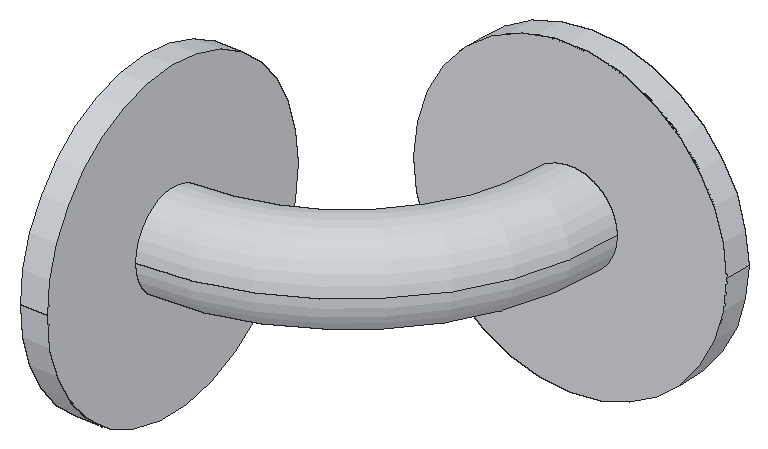
Revit family "1cbb53b1d20f4369b9c4a947096c1da6", category Pipe Fittings, Revit 2021
Family settings
  Round Connector Dimension = Use Radius
  Part Type = Elbow
  OmniClass Number = 23.60.30.11.14
  OmniClass Title = Pipework Fittings
  Seek Item ID = Elbow - Flanged - CS - Class 150-0000-USA-ENU
  Work Plane-Based = No
  Always vertical = Yes
  Cut with Voids When Loaded = No
  Shared = No
Parameters (values of type "Standard")
  Wall Thickness [instance] = size_lookup(Lookup Table Name, "WThk", 0.02 * Nominal Diameter + 45/256", Nominal Diameter)  # 0.15748"
  Loss Method = K Coefficient from Table
  Lookup Table Name = "Elbow - Flanged - CS - Class 150"
  Length 4 [instance] = Center to Contact Surface * sin(Angle)  # 3.50394"
  Length 3 [instance] = Center to Contact Surface + Center to Contact Surface * cos(Angle)  # 3.50394"
  Tick Size [instance] = Flange Outside Diameter * 0.4  # 1.73228"
  Raised Face Thickness [instance] = 1/16"  # constant formula
  Raised Face Radius [instance] = Raised Face Diameter / 2  # 1"
  Raised Face Diameter [instance] = size_lookup(Lookup Table Name, "RFD", 1.1 * Nominal Diameter + 1 67/128", Nominal Diameter)  # 2"
  Length 2 [instance] = Flange and Raised Face Thickness - Raised Face Thickness  # 0.37795"
  K Coefficient Table = "Regular Flanged 90 and 180 Elbow"
  Flange Thickness [instance] = size_lookup(Lookup Table Name, "FThk", 0.06 * Nominal Diameter + 63/128", Nominal Diameter)  # 0.37795"
  Fitting Outside Radius [instance] = Fitting Outside Diameter / 2  # 0.64961"
  Fitting Outside Diameter [instance] = Fitting Inside Diameter + Wall Thickness * 2  # 1.29921"
  Length 1 [instance] = (Fitting Outside Radius + 1/32") * tan(Angle / 2) + Flange and Raised Face Thickness  # 1.12131"
  Nominal Radius [instance] = 1/2"
  Nominal Diameter [instance] = Nominal Radius * 2  # 1"
  Fitting Inside Diameter [instance] = size_lookup(Lookup Table Name, "FID", 0.98 * Nominal Diameter + 23/256", Nominal Diameter)  # 0.98425"
  Default Elevation = 0' - 0"
  Center to Contact Surface 1 [instance] = size_lookup(Lookup Table Name, "CtCS1", 0.78 * Nominal Diameter + 3 3/64", Nominal Diameter)  # 3.50394"
  Center to Contact Surface 2 [instance] = size_lookup(Lookup Table Name, "CtCS2", 0.39 * Nominal Diameter + 2 11/256", Nominal Diameter)  # 1.73228"
  Center to Contact Surface [instance] = if(and(Angle > 0.00°, (not(Angle > 45.00°))), if(Center to Contact Surface 2 > Fitting Outside Radius * tan(Angle / 2) + Flange and Raised Face Thickness, Center to Contact Surface 2, Length 1), if(Center to Contact Surface 1 > Fitting Outside Radius * tan(Angle / 2) + Flange and Raised Face Thickness, Center to Contact Surface 1, Length 1))  # 3.50394"
  Center Radius [instance] = (Center to Contact Surface - Flange and Raised Face Thickness) / tan(Angle / 2)  # 3.06348"
  Flange and Raised Face Thickness [instance] = Flange Thickness + Raised Face Thickness  # 0.44045"
  Flange Outside Radius [instance] = Flange Outside Diameter / 2  # 2.16535"
  Flange Outside Diameter [instance] = size_lookup(Lookup Table Name, "FOD", 1.23 * Nominal Diameter + 3 89/128", Nominal Diameter)  # 4.33071"
  Assembly Code = ""
  Angle [instance] = 90.00°
Reference planes (in)
  plane 1 "Center (Front/Back)": y = 0
  plane 2: z = 0
  plane 3 "Center (Left/Right)": x = 0
  plane 4: x = -3.06348
  plane 5: x = -3.50394
  plane 6: y = 3.06348
  plane 7: y = 1.73228
  plane 8: y = -1.73228
  plane 9: x = -3.44144
  plane 10: y = 3.50394
  plane 11: x = 0
Forms (in)
  Sweep 1, solid, detail levels fine
    path in 3D
      loop
        arc (-3.06348, 0, 0) -> (-0.89727, 0.89727, 0) -> (0, 3.06348, 0) r 3.06348
    profile origin (-0.89727, 0.89727, 0) x (-0.707107, 0.707107, 0) y (0, 0, 1)
      loop
        circle (0, 0) r 0.64961
  Sweep 2, solid, detail levels fine
    path in 3D
      loop
        line (-3.44144, 0, 0) -> (-3.06348, 0, 0)
    profile origin (-3.25246, 0, 0) x (0, 1, 0) y (0, 0, 1)
      loop
        circle (0, 0) r 2.16535
  Sweep 3, solid, detail levels fine
    path in 3D
      loop
        line (0, 3.06348, 0) -> (0, 3.44144, 0)
    profile origin (0, 3.25246, 0) x (-1, 0, 0) y (0, 0, 1)
      loop
        circle (0, 0) r 2.16535
  Sweep 4, solid, detail levels fine
    path in 3D
      loop
        line (-3.50394, 0, 0) -> (-3.44144, 0, 0)
    profile origin (-3.47269, 0, 0) x (0, 1, 0) y (0, 0, 1)
      loop
        circle (0, 0) r 1
  Sweep 5, solid, detail levels fine
    path in 3D
      loop
        line (0, 3.50394, 0) -> (0, 3.44144, 0)
    profile origin (0, 3.47269, 0) x (1, 0, 0) y (0, 0, 1)
      loop
        circle (0, 0) r 1
Cuts and joins
  joined: Sweep 1, Sweep 2, Sweep 3, Sweep 4, Sweep 5
Lines and regions (in)
  model lines, detail levels coarse+medium
    curve 1: line (-3.44144, 0, 0) -> (-3.06348, 0, 0)
    curve 2: arc (-3.06348, 0, 0) -> (-0.89727, 0.89727, 0) -> (0, 3.06348, 0) r 3.06348
    curve 3: line (0, 3.06348, 0) -> (0, 3.44144, 0)
    curve 8: line (-3.50394, 0, 0) -> (-3.50394, 1.73228, 0)
    curve 9: line (-3.50394, 0, 0) -> (-3.50394, -1.73228, 0)
    curve 10: line (-3.50394, 0, 0) -> (-3.44144, 0, 0)
    curve 13: line (0, 3.50394, 0) -> (-1.73228, 3.50394, 0)
    curve 14: line (0, 3.50394, 0) -> (1.73228, 3.50394, 0)
    curve 15: line (0, 3.50394, 0) -> (0, 3.44144, 0)
  sketch lines
    curve 4: arc (-3.06348, 0, 0) -> (-0.89727, 0.89727, 0) -> (0, 3.06348, 0) r 3.06348
    curve 5: line (-3.44144, 0, 0) -> (-3.06348, 0, 0)
    curve 6: line (0, 3.06348, 0) -> (0, 3.44144, 0)
    curve 11: line (-3.50394, 0, 0) -> (-3.44144, 0, 0)
    curve 16: line (0, 3.50394, 0) -> (0, 3.44144, 0)
  reference lines
    curve 7: line (-3.50394, 0, 0) -> (-3.06348, 0, 0)
    curve 12: line (0, 3.50394, 0) -> (0, 3.06348, 0)
Dimensions and locks (in)
  "Center Radius": plane 6 to plane 1 "Center (Front/Back)"
  "Flange and Raised Face Thickness": plane 5 to plane 4
  "Tick Size": plane 7 to plane 1 "Center (Front/Back)"
  "Tick Size": plane 8 to plane 1 "Center (Front/Back)"
  "Length 2": curve 3 to curve 3
  "Center to Contact Surface": plane 5 to plane 3 "Center (Left/Right)"
  "Raised Face Thickness": plane 5 to plane 9
  "Length 4": plane 10 to plane 1 "Center (Front/Back)"
  "Length 3": plane 5 to plane 11
  "Tick Size": curve 13 to curve 13
  "Tick Size": curve 14 to curve 14
  "Raised Face Thickness": curve 15 to curve 15
  "Center Radius": radius of curve 2
  "Fitting Outside Radius": radius of Sweep 1 sketch curve
  "Flange Outside Radius": radius of Sweep 2 sketch curve
  "Flange Outside Radius": radius of Sweep 3 sketch curve
  "Raised Face Radius": radius of Sweep 4 sketch curve
  "Raised Face Radius": radius of Sweep 5 sketch curve
  "Angle": angle curve 2 to curve 2
  "Angle": angle plane 1 "Center (Front/Back)" to curve 3
  "Angle": angle plane 1 "Center (Front/Back)" to curve 12
  "Angle": angle plane 3 "Center (Left/Right)" to curve 13
  "Angle": angle plane 3 "Center (Left/Right)" to curve 14
  "Angle": angle plane 1 "Center (Front/Back)" to curve 15
  aligned and locked: plane 4 to curve 2
  aligned and locked: plane 5 to curve 7
  aligned and locked: plane 1 "Center (Front/Back)" to curve 7
  aligned and locked: plane 7 to curve 8
  aligned and locked: plane 1 "Center (Front/Back)" to curve 9
  aligned and locked: plane 8 to curve 9
  aligned and locked: plane 9 to curve 1
  aligned and locked: plane 5 to curve 10
  aligned and locked: plane 11 to curve 12
  aligned and locked: plane 10 to curve 12
  aligned and locked: plane 10 to curve 15
Automatic sketch dimensions
  Sweep 1 sketch curve to profile plane = 0' - 0"  (x2)
  Sweep 2 sketch curve to profile plane = 0' - 0"  (x2)
  Sweep 3 sketch curve to profile plane = 0' - 0"  (x2)
  Sweep 4 sketch curve to profile plane = 0' - 0"  (x2)
  Sweep 5 sketch curve to profile plane = 0' - 0"  (x2)
  curve 7 to plane 4 = 0' - 0"
Connectors (in)
  piping at (-3.50394, 0, 0), diameter 1, driven by "Nominal Radius", driven by "Angle"
    settings: on cut or joined group of Sweep 1, Sweep 2, Sweep 3, Sweep 4, Sweep 5, index 1, connector inside diameter 1", connector length 0' - 0", flow factor 0, pipe flow 0 GPM, pressure drop 0.00 psi, fitting loss kfactor 0, connector angle 90.00°, fixture units 0, engagement length 0' - 0", angle of deflection 0.00°, flow configuration 0, flow direction 0, fitting loss method 0, system type 28, joint type 0, gender type 0, connector reference index 2, connector utility 0, adjustable connector no, is connector primary yes, connector description ""
  piping at (0, 3.50394, 0), diameter 1, driven by "Nominal Radius", driven by "Angle"
    settings: on cut or joined group of Sweep 1, Sweep 2, Sweep 3, Sweep 4, Sweep 5, index 2, connector inside diameter 1", connector length 0' - 0", flow factor 0, pipe flow 0 GPM, pressure drop 0.00 psi, fitting loss kfactor 0, connector angle 90.00°, fixture units 0, engagement length 0' - 0", angle of deflection 0.00°, flow configuration 0, flow direction 0, fitting loss method 0, system type 28, joint type 0, gender type 0, connector reference index 1, connector utility 0, adjustable connector no, is connector primary no, connector description ""
